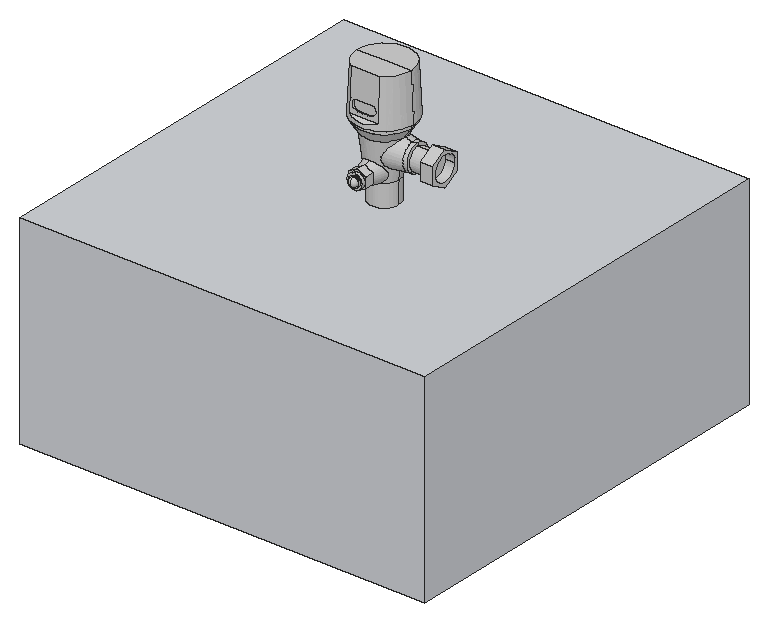
Revit family
Parameters
  Width = 0' - 5 1/2"
  Waste Connection = no
  WFU = 0
  Vent Connection = no
  Valve Type = "IPS angle stop (vandal resistant)"
  URL = "www.moencommercial.com"
  Sensor Type = "Infrared"
  Power Source = "Battery (4xAA)"
  Model = "8310R16"
  Manufacturer = "Moen"
  Length = 0' - 4 1/4"
  Keynote = "15410"
  Height = 0' - 7 1/2"
  HWFU = 0
  HW Connection = no
  Flush Rate = "1.6 GPF"
  Finish = Moen-Chrome
  Domestic Water Flow Rate = 4 GPM
  Documentation Link = "http://www.moen.com/shared/pdf/commercial/8310r16sp.pdf"
  Description = "Battery Powered Retro-Fit Closet Flush Valve"
  Default Elevation = 1' - 6"
  Cold Water Connection Diameter = 0' 1"  # 1"
  CWFU = 2.5  # constant formula
  Assembly Code = "D2010100"
  ADA Compliant = yes
Reference planes (in)
  plane 1 "Center (Front/Back)": y = 0
  plane 2: z = 0
  plane 3 "Center (Left/Right)": x = 0
  plane 4: z = 7.5
Forms (in)
  Extrusion 1, solid
    sketch origin (0, 0, 0) x (1, 0, 0) y (0, 1, 0)
      loop
        line (-12, 12) -> (-12, -12) -> (12, -12) -> (12, 12) -> (-12, 12)
    from 0 to -12
Lines and regions (in)
  Masking region 1
    outline origin (0, 0, 0) x (1, 0, 0) y (0, 1, 0)
      loop
        arc (0.5, -1.67705) -> (1.11174, -1.35149) -> (1.54916, -0.81401) r 1.75
        line (1.54916, -0.81401) -> (1.72, -0.79) -> (2, -0.79) -> (2, -0.66115) -> (2.89, -0.66115) -> (2.89, -0.875) -> (3.6, -0.875) -> (3.6, -0.75034) -> (3.6, 0.75034) -> (3.6, 0.875) -> (2.89, 0.875) -> (2.89, 0.66115) -> (2, 0.66115) -> (2, 0.79) -> (1.72, 0.79) -> (1.54916, 0.81401)
        arc (1.54916, 0.81401) -> (-1.35149, 1.11174) -> (-0.5, -1.67705) r 1.75
        line (-0.5, -1.67705) -> (-0.5, -2.02) -> (-0.45, -2.02) -> (-0.45, -2.19) -> (-0.32, -2.19) -> (-0.32, -2.26) -> (-0.23516, -2.26)
        arc (-0.23516, -2.26) -> (0, -2.49516) -> (0.23516, -2.26) r 0.23516
        line (0.23516, -2.26) -> (0.32, -2.26) -> (0.32, -2.19) -> (0.45, -2.19) -> (0.45, -2.02) -> (0.5, -2.02) -> (0.5, -1.67705)
  symbolic lines
    curve 1: line (-0.86209, -1.5, 0) -> (-0.82755, -1.37317, 0)
    curve 2: line (-0.82755, -1.37317, 0) -> (0.82755, -1.37317, 0)
    curve 3: line (0.82755, -1.37317, 0) -> (0.86209, -1.5, 0)
    curve 4: arc (-0.5, -1.67705, 0) -> (0, -1.75, 0) -> (0.5, -1.67705, 0) r 1.75
    curve 5: line (0.86209, -1.5, 0) -> (-0.86209, -1.5, 0)
    curve 6: arc (0.82755, -1.37317, 0) -> (0, 1.60326, 0) -> (-0.82755, -1.37317, 0) r 1.60326
    curve 7: line (2, 0.66, 0) -> (2, -0.66115, 0)
    curve 8: line (2.89, 0.66, 0) -> (2.89, -0.66, 0)
    curve 9: line (0.45, -2.02, 0) -> (-0.45, -2.02, 0)
    curve 10: line (-0.32, -2.19, 0) -> (0.32, -2.19, 0)
    curve 11: line (-0.23516, -2.26, 0) -> (0.23516, -2.26, 0)
    curve 12: arc (1.54916, -0.81401, 0) -> (1.75, 0, 0) -> (1.54916, 0.81401, 0) r 1.75
Text (in)
  text "Height Parameter does not control Model geometry.  If you need to change the size of the model, select the correct model number." at (1.70246, 0, 22.99516), in view "Front"
Dimensions and locks (in)
  "Height": plane 4 to plane 2
  aligned and locked: plane 2 to Extrusion 1
  aligned and locked: level to Extrusion 1
  aligned and locked: plane 3 "Center (Left/Right)" to nested 1
  aligned and locked: nested 1 to plane 2
Automatic sketch dimensions
  Extrusion 1 sketch curve to Extrusion 1 sketch curve = 2' - 0"  (x2)
  Masking region 1 sketch curve to Masking region 1 sketch curve = 0' - 0"  (x3)
  plane 1 "Center (Front/Back)" to Masking region 1 sketch curve = 0' - 0"
  Masking region 1 sketch curve to plane 3 "Center (Left/Right)" = 0' - 0"  (x2)
  Masking region 1 sketch curve to plane 3 "Center (Left/Right)" = 0' - 0.23516"
  Masking region 1 sketch curve to Masking region 1 sketch curve = 0' - 0.08484"  (x2)
  Masking region 1 sketch curve to Masking region 1 sketch curve = 0' - 0.13"  (x2)
  Masking region 1 sketch curve to Masking region 1 sketch curve = 0' - 0.05"  (x2)
  Masking region 1 sketch curve to Masking region 1 sketch curve = 0' - 1.04916"
  Masking region 1 sketch curve to plane 1 "Center (Front/Back)" = 0' - 0.79"
  Masking region 1 sketch curve to Masking region 1 sketch curve = 0' - 0.17084"  (x2)
  plane 1 "Center (Front/Back)" to Masking region 1 sketch curve = 0' - 0.79"
  Masking region 1 sketch curve to Masking region 1 sketch curve = 0' - 0.28"  (x2)
  Masking region 1 sketch curve to Masking region 1 sketch curve = 0' - 0.89"  (x2)
  Masking region 1 sketch curve to Masking region 1 sketch curve = 0' - 0.71"  (x2)
  Masking region 1 sketch curve to Masking region 1 sketch curve = 0' - 0.02401"
  plane 1 "Center (Front/Back)" to Masking region 1 sketch curve = 0' - 0 7/8"
  Masking region 1 sketch curve to Masking region 1 sketch curve = 0' - 0.34295"  (x2)
  Masking region 1 sketch curve to Masking region 1 sketch curve = 0' - 0.17"  (x2)
  Masking region 1 sketch curve to Masking region 1 sketch curve = 0' - 0.07"
  Masking region 1 sketch curve to Masking region 1 sketch curve = 0' - 0.12466"
  Masking region 1 sketch curve to Masking region 1 sketch curve = 0' - 0.12885"
  Masking region 1 sketch curve to plane 1 "Center (Front/Back)" = 0' - 0.66115"
  Masking region 1 sketch curve to Masking region 1 sketch curve = 0' - 0.08919"
  Masking region 1 sketch curve to Masking region 1 sketch curve = 0' - 0.21385"
  curve 4 to curve 6 = 0' - 0"  (x2)
  curve 4 to curve 12 = 0' - 0"  (x2)
  curve 6 to curve 12 = 0' - 0"  (x2)
  plane 1 "Center (Front/Back)" to curve 12 = 0' - 0"
  curve 12 to plane 3 "Center (Left/Right)" = 0' - 0"
  curve 11 to plane 3 "Center (Left/Right)" = 0' - 0.23516"
  curve 10 to curve 11 = 0' - 0.08484"
  curve 9 to curve 10 = 0' - 0.13"
  curve 4 to curve 9 = 0' - 0.05"
  curve 1 to curve 4 = 0' - 0.32755"
  curve 1 to curve 6 = 0' - 0.03454"
  plane 3 "Center (Left/Right)" to curve 11 = 0' - 0.23516"
  curve 11 to curve 10 = 0' - 0.08484"
  curve 10 to curve 9 = 0' - 0.13"
  curve 9 to curve 4 = 0' - 0.05"
  curve 2 to curve 5 = 0' - 0.03454"
  curve 2 to curve 12 = 0' - 0.72161"
  curve 12 to plane 1 "Center (Front/Back)" = 0' - 0.81401"
  plane 3 "Center (Left/Right)" to curve 12 = 0' - 1.54916"
  curve 12 to curve 7 = 0' - 0.45084"
  curve 7 to curve 8 = 0' - 0.89"
  curve 3 to curve 12 = 0' - 0.55916"
  curve 1 to curve 6 = 0' - 0.12683"
  curve 4 to curve 3 = 0' - 0.17705"
  curve 9 to curve 4 = 0' - 0.34295"
  curve 10 to curve 9 = 0' - 0.17"
  curve 11 to curve 10 = 0' - 0.07"
  curve 12 to curve 7 = 0' - 0.15286"
  plane 1 "Center (Front/Back)" to curve 8 = 0' - 0.66"
  curve 8 to plane 1 "Center (Front/Back)" = 0' - 0.66"
  curve 7 to curve 12 = 0' - 0.15401"
Nested families (in)
  nested 1: "Flush Valve" at (0, 0, 0), type "Flush Valve"
    with Finish Moen-Chrome
Definition of nested family "Flush Valve"
  Parameters (values of type "Flush Valve")
    Finish [instance] = Moen-Chrome
    Assembly Code = ""
  Reference planes (in)
    plane 1 "Center (Front/Back)": y = 0
    plane 2: z = 0
    plane 3 "Center (Left/Right)": x = 0
    plane 4 "Flush Vavle Height": z = 7.35
    plane 5 "Bottom of Sensor": z = 4.55
    plane 6 "To Supply Elbow": z = 2.85
    plane 7 "Center Nut": z = 1.87
    plane 8 "Sensor Center": z = 5.45
    plane 9 "Right Side Extents": x = 3.6
    plane 10 "Sensor Flat": y = -1.5
    plane 11 "Center Nut Front": y = -2.5
    plane 12 "Center Nut Back": y = 1.5
  Forms (in)
    Revolve 1, solid, material "Moen-Chrome" <- "Finish"
      sketch origin (0, 0, 0) x (1, 0, 0) y (0, 0, 1)
        loop
          line (0, 0) -> (0, 7.35) -> (-1.60326, 7.35) -> (-1.75, 4.55) -> (-1.63, 4.55) -> (-1.63, 4.3) -> (-1.22, 3.7) -> (-0.88, 1.3) -> (-0.88, 0) -> (0, 0)
        axis (0, 7.35) -> (0, 0)
      angle from 0 to 360
    Revolve 2, solid, material "Moen-Chrome" <- "Finish"
      sketch origin (0, 0, 0) x (1, 0, 0) y (0, 0, 1)
        loop
          line (0.5, 2.85) -> (0.5, 1.88854) -> (1.72, 2.06) -> (2, 2.06) -> (2, 2.19) -> (3.6, 2.19) -> (3.6, 2.85) -> (0.5, 2.85)
        axis (0.5, 2.85) -> (3.6, 2.85)
      angle from 0 to 360
    Revolve 3, solid, material "Moen-Chrome" <- "Finish"
      sketch origin (0, 0, 0) x (0, 1, 0) y (0, 0, 1)
        loop
          arc (-2.5, 1.87) -> (-2.42971, 1.70029) -> (-2.26, 1.63) r 0.24
          line (-2.26, 1.63) -> (-2.26, 1.55) -> (-2.19, 1.55) -> (-2.19, 1.42) -> (-1.47, 1.42) -> (-1.47, 1.37) -> (-0.53699, 1.12) -> (0.46699, 1.12) -> (1.4, 1.37) -> (1.5, 1.37) -> (1.5, 1.87) -> (-2.5, 1.87)
        axis (1.5, 1.87) -> (-2.5, 1.87)
      angle from 0 to 360
    Extrusion 4, void
      sketch origin (0, 0, 0) x (0, 1, 0) y (0, 0, 1)
        loop
          line (-1.75, 4.55) -> (-1.75, 4.73) -> (-1.5, 4.93) -> (-1.37317, 7.35) -> (-2, 7.35) -> (-2, 4.55) -> (-1.75, 4.55)
      from 1.5 to -1.5
    Extrusion 5, solid, material "Moen-Chrome" <- "Finish"
      sketch origin (3.6, 0, 0) x (0, 0, 1) y (0, -1, 0)
        loop
          line (2.34482, 0.875) -> (1.83964, 0) -> (2.34482, -0.875) -> (3.35518, -0.875) -> (3.86036, 0) -> (3.35518, 0.875) -> (2.34482, 0.875)
      from 0 to -0.71
    Extrusion 6, solid, material "Moen-Chrome" <- "Finish"
      sketch origin (0, -1.47, 1.87) x (-1, 0, 0) y (0, 0, -1)
        loop
          line (0.5, 0.28868) -> (0, 0.57735) -> (-0.5, 0.28868) -> (-0.5, -0.28868) -> (0, -0.57735) -> (0.5, -0.28868) -> (0.5, 0.28868)
      from 0 to 0.55
    Extrusion 7, void
      sketch origin (0, 0, 0) x (1, 0, 0) y (0, 0, 1)
        loop
          arc (-0.4, 5.76) -> (-0.71, 5.45) -> (-0.4, 5.14) r 0.31
          line (-0.4, 5.14) -> (0.4, 5.14)
          arc (0.4, 5.14) -> (0.71, 5.45) -> (0.4, 5.76) r 0.31
          line (0.4, 5.76) -> (-0.4, 5.76)
      from 1.4 to 1.6
    Extrusion 8, void
      sketch origin (3.6, 0, 0) x (0, 0, 1) y (0, -1, 0)
        loop
          circle (2.85, 0) r 0.75
      from 0 to -0.591
  Cuts and joins
    Extrusion 4, Extrusion 7, Extrusion 8 cuts Revolve 1
    Extrusion 4, Extrusion 7, Extrusion 8 cuts Revolve 2
    Extrusion 4, Extrusion 7, Extrusion 8 cuts Revolve 3
    Extrusion 8 cuts Extrusion 5
    Extrusion 8 cuts Extrusion 6
    joined: Revolve 1, Revolve 2, Revolve 3, Extrusion 5, Extrusion 6
  Dimensions and locks (in)
    locked: plane 4 "Flush Vavle Height" to plane 2 at 7.35
    locked: plane 12 "Center Nut Back" to plane 1 "Center (Front/Back)" at 1.5
    locked: plane 11 "Center Nut Front" to plane 1 "Center (Front/Back)" at 2.5
    locked: plane 7 "Center Nut" to plane 2 at 1.87
    locked: plane 6 "To Supply Elbow" to plane 2 at 2.85
    locked: plane 9 "Right Side Extents" to plane 3 "Center (Left/Right)" at 3.6
    locked: plane 5 "Bottom of Sensor" to plane 2 at 4.55
    locked: plane 8 "Sensor Center" to plane 5 "Bottom of Sensor" at 0.9
    locked: plane 10 "Sensor Flat" to plane 1 "Center (Front/Back)" at 1.5
    locked: plane 3 "Center (Left/Right)" to Revolve 1 sketch curve at 1.75
    locked: plane 3 "Center (Left/Right)" to Revolve 1 sketch curve at 0.88
    locked: plane 3 "Center (Left/Right)" to Revolve 1 sketch curve at 1.22
    locked: plane 3 "Center (Left/Right)" to Revolve 1 sketch curve at 1.63
    locked: plane 5 "Bottom of Sensor" to Revolve 1 sketch curve at 0.25
    locked: Revolve 1 sketch curve to plane 2 at 3.7
    locked: plane 6 "To Supply Elbow" to Revolve 2 sketch curve at 0.66
    locked: Revolve 2 sketch curve to Revolve 2 sketch curve at 0.79
    locked: plane 9 "Right Side Extents" to Revolve 2 sketch curve at 1.6
    locked: Revolve 2 sketch curve to Revolve 2 sketch curve at 0.28
    locked: Revolve 2 sketch curve to plane 3 "Center (Left/Right)" at 0.5
    locked: plane 7 "Center Nut" to Revolve 3 sketch curve at 0.75
    locked: plane 7 "Center Nut" to Revolve 3 sketch curve at 0.5  (x2)
    locked: plane 7 "Center Nut" to Revolve 3 sketch curve at 0.45
    locked: plane 7 "Center Nut" to Revolve 3 sketch curve at 0.32
    locked: plane 11 "Center Nut Front" to Revolve 3 sketch curve at 0.24
    locked: plane 11 "Center Nut Front" to Revolve 3 sketch curve at 0.31
    locked: plane 11 "Center Nut Front" to Revolve 3 sketch curve at 1.03
    locked: Revolve 3 sketch curve to plane 12 "Center Nut Back" at 0.1
    locked: Revolve 3 sketch curve to plane 1 "Center (Front/Back)" at 0.53699
    locked: plane 1 "Center (Front/Back)" to Revolve 3 sketch curve at 0.46699
    locked: Extrusion 4 sketch curve to plane 5 "Bottom of Sensor" at 0.38
    locked: Extrusion 4 sketch curve to plane 5 "Bottom of Sensor" at 0.18
    locked: Extrusion 4 sketch curve to plane 10 "Sensor Flat" at 0.5
    locked: Extrusion 4 sketch curve to Extrusion 4 sketch curve at 0.25
    equal spacing: Extrusion 7 sketch curve, plane 3 "Center (Left/Right)", Extrusion 7 sketch curve, locked at 0.4 each
    locked: Extrusion 7 sketch curve to Extrusion 7 sketch curve at 0.8
    locked: Revolve 1 sketch curve to plane 2 at 1.3
    radius of Revolve 3 sketch curve = 0' - 0.24"
    radius of Extrusion 7 sketch curve = 0' - 0.31"  (x2)
    radius of Extrusion 8 sketch curve = 0' - 0 3/4"
    locked: Revolve 2 sketch curve to Revolve 2 sketch curve (angle 82.00°)
    locked: plane 1 "Center (Front/Back)" to Revolve 3 sketch curve (angle 75.00°)
    locked: Revolve 3 sketch curve to plane 1 "Center (Front/Back)" (angle 75.00°)
    locked: plane 5 "Bottom of Sensor" to Revolve 1 sketch curve (angle 87.00°)
    locked: plane 5 "Bottom of Sensor" to Extrusion 4 sketch curve (angle 87.00°)
    aligned and locked: plane 3 "Center (Left/Right)" to Revolve 1 sketch curve
    aligned and locked: plane 4 "Flush Vavle Height" to Revolve 1 sketch curve
    aligned and locked: plane 2 to Revolve 1 sketch curve
    aligned and locked: plane 5 "Bottom of Sensor" to Revolve 1 sketch curve
    aligned and locked: Revolve 1 sketch curve to plane 3 "Center (Left/Right)"
    aligned and locked: Revolve 2 sketch curve to plane 9 "Right Side Extents"
    aligned and locked: Revolve 2 sketch curve to plane 6 "To Supply Elbow"  (x2)
    aligned and locked: plane 7 "Center Nut" to Revolve 3 sketch curve
    aligned and locked: Revolve 3 sketch curve to plane 7 "Center Nut"
    aligned and locked: plane 12 "Center Nut Back" to Revolve 3 sketch curve
    aligned and locked: plane 11 "Center Nut Front" to Revolve 3 sketch curve
    aligned and locked: cut or joined group of Revolve 1, Revolve 2, Revolve 3, Extrusion 4, Extrusion 5, Extrusion 6, Extrusion 7, Extrusion 8 to Extrusion 4 sketch curve
    aligned and locked: plane 4 "Flush Vavle Height" to Extrusion 4 sketch curve
    aligned and locked: plane 5 "Bottom of Sensor" to Extrusion 4 sketch curve
